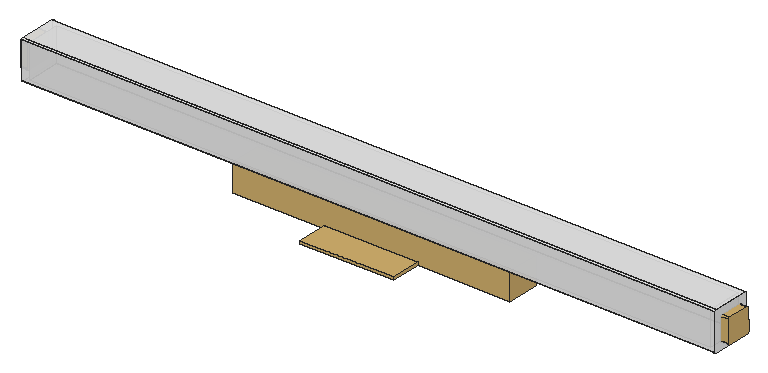
Revit family "3-537-xx - 37-537-xx - Adelphi (Vanity)", category Lighting Fixtures, host Face, Revit 2020
Family settings
  Host = Face
  Round Connector Dimension = Use Diameter
  Part Type = Normal
  Cut with Voids When Loaded = No
  Light Source = Yes
  Shared = No
  Room Calculation Point = No
Parameters (values of type "37-555-40 / Aged Brass - Matte White Acrylic")
  Wattage Comments = "15.00W at 120 V"  # constant formula
  Wattage = 15 W
  built-in parameter 1150110 = 1 (stored number, unit not read)
  Voltage Input [instance] = "120 V or 277 V - 50/60 Hz"  # constant formula
  Voltage = 277 V
  URL = "www.oxygenlighting.com"
  built-in parameter 1114217 = 1 (stored number, unit not read)
  Tilt Angle = 0.00°
  built-in parameter 1150109 = 1 (stored number, unit not read)
  built-in parameter 1150134 = (empty or 0)
  built-in parameter 1150113 = 1 (stored number, unit not read)
  References [instance] = "Ref. 3 = 120 V / Ref. 37 = 277 V"  # constant formula
  Photometric Web File = "3-537 Adelphi Vanity.ies"
  Model = "3-555-xx - 37-555-xx - Adelphi Vanity"  # constant formula
  Metal Finish = 40 - Aged Brass
  Manufacturer = "Oxygen - Lighting & Fans"  # constant formula
  Main Diffuser = Matte White Acrylic
  built-in parameter 1150105 = 100.15 (stored number, unit not read)
  Lumens = 1258.5 lm
  built-in parameter 1150115 = 1 (stored number, unit not read)
  built-in parameter 1150137 = (empty or 0)
  built-in parameter 1150139 = (empty or 0)
  built-in parameter 1150112 = 1 (stored number, unit not read)
  built-in parameter 1150114 = 1 (stored number, unit not read)
  Lamp = "LED Array"  # constant formula
  built-in parameter 1150132 = (empty or 0)
  built-in parameter 1150102 = (empty or 0)
  built-in parameter 1150107 = 3000 (stored number, unit not read)
  built-in parameter 1150138 = (empty or 0)
  built-in parameter 1150106 = 1.0015 (stored number, unit not read)
  Emit from Rectangle Width = 22.00"  # constant formula
  built-in parameter 1150128 = 1.00"  # constant formula
  Emit Shape Visible in Rendering = no
  built-in parameter 1150104 = 7.7946 (stored number, unit not read)
  Dimming Lamp Color Temperature Shift = <None>
  Default Elevation = 0.00"
  Color Filter = 16777215
  Emit from Rectangle Length = 12.00"
  built-in parameter 1150133 = 10 (stored number, unit not read)
Types (7): name | Voltage | Metal Finish
  (no name) | 277 V | 40 - Aged Brass
  3-555-24 / Satin Nickel - Matte White Acrylic | 120 V | 24 - Satin Nickel
  3-555-22 / Oiled Bronze - Matte White Acrylic | 120 V | 22- Oiled Bronze
  3-555-40 / Aged Brass - Matte White Acrylic | 120 V | 40 - Aged Brass
  37-555-22 / Oiled Bronze - Matte White Acrylic | 277 V | 22- Oiled Bronze
  37-555-24 / Satin Nickel - Matte White Acrylic | 277 V | 24 - Satin Nickel
  37-555-40 / Aged Brass - Matte White Acrylic | 277 V | 40 - Aged Brass
Reference planes (in)
  plane 1 "Center (Front/Back)": y = 0
  plane 2: z = 0
  plane 3 "Center (Left/Right)": x = 0
  plane 4 "M.C.": y = 0
  plane 5 "Light Source Height": y = 0
  plane 6 "Light Source Ext.": z = 2.5
Dimensions and locks (in)
  aligned and locked: plane 2 to host face
  aligned and locked: level to host face
  aligned and locked: imposter light to plane 5 "Light Source Height"
  aligned and locked: plane 6 "Light Source Ext." to imposter light
  aligned and locked: plane 3 "Center (Left/Right)" to imposter light
Nested families (in)
  nested 1: "3-555 Adelphi" at (0, 0, 0), type "3-555 Adelphi"
Connectors (in)
  electrical at (0, 0.00073, 0), driven by "Voltage"
    settings: on nested 1, index 1, voltage 277 V, apparent load 0 VA, apparent load phase1 0 VA, apparent load phase2 0 VA, apparent load phase3 0 VA, power factor 1, load classification "Other", number of poles 1, system type 31, power factor state 1, is connector primary yes, connector utility no, sub classification motor no, connector description ""
Definition of nested family "3-555 Adelphi"
  Parameters (values of type "3-537 Adelphi")
    Others 2 = none
    Others 1 = none
    Metal Finish = none
    Main Diffuser = none
    Default Elevation = 0.00"
    2nd Diffuser = none
  Reference planes (in)
    plane 1 "Center (Front/Back)": y = 0
    plane 2: z = 0
    plane 3 "Center (Left/Right)": x = 0
    plane 4: y = 0
  Forms (in)
    Extrusion 1, solid, material <- "Main Diffuser"
      sketch origin (0, 0.00073, 0.1514) x (0, 1, 0) y (0, 0, 1)
        loop
          arc (0.92027, 1.2286) -> (0.97275, 1.25034) -> (0.99449, 1.30282) r 0.07422
          line (0.99449, 1.30282) -> (0.99449, 3.15528)
          arc (0.99449, 3.15528) -> (0.97302, 3.20713) -> (0.92117, 3.2286) r 0.07332
          line (0.92117, 3.2286) -> (-0.93129, 3.2286)
          arc (-0.93129, 3.2286) -> (-0.98377, 3.20687) -> (-1.00551, 3.15439) r 0.07422
          line (-1.00551, 3.15439) -> (-1.00551, 1.30282)
          arc (-1.00551, 1.30282) -> (-0.98377, 1.25034) -> (-0.93129, 1.2286) r 0.07422
          line (-0.93129, 1.2286) -> (0.92027, 1.2286)
      from -17.6378 to 17.6378
    Extrusion 2, solid, material <- "Metal Finish"
      sketch origin (0, 0.00073, 0) x (1, 0, 0) y (0, 1, 0)
        loop
          line (-2.375, 2.375) -> (-2.375, -2.375) -> (2.375, -2.375) -> (2.375, 2.375) -> (-2.375, 2.375)
      from 0 to 0.14844
    Extrusion 3, solid, material <- "Metal Finish"
      sketch origin (-18.0128, 0.00073, 0) x (0, 1, 0) y (0, 0, 1)
        loop
          line (0.56104, 3.00545) -> (-0.5625, 3.00545)
          arc (-0.5625, 3.00545) -> (-0.60669, 2.98714) -> (-0.625, 2.94295) r 0.0625
          line (-0.625, 2.94295) -> (-0.625, 1.81795)
          arc (-0.625, 1.81795) -> (-0.60669, 1.77375) -> (-0.5625, 1.75545) r 0.0625
          line (-0.5625, 1.75545) -> (0.5625, 1.75545)
          arc (0.5625, 1.75545) -> (0.60669, 1.77375) -> (0.625, 1.81795) r 0.0625
          line (0.625, 1.81795) -> (0.625, 2.94149)
          arc (0.625, 2.94149) -> (0.60627, 2.98672) -> (0.56104, 3.00545) r 0.06396
      from 0.375 to 0
    Extrusion 4, solid, material <- "Metal Finish"
      sketch origin (18.0128, 0.00073, 0) x (0, 1, 0) y (0, 0, -1)
        loop
          arc (0.56104, -3.00545) -> (0.60627, -2.98672) -> (0.625, -2.94149) r 0.06396
          line (0.625, -2.94149) -> (0.625, -1.81795)
          arc (0.625, -1.81795) -> (0.60669, -1.77375) -> (0.5625, -1.75545) r 0.0625
          line (0.5625, -1.75545) -> (-0.5625, -1.75545)
          arc (-0.5625, -1.75545) -> (-0.60669, -1.77375) -> (-0.625, -1.81795) r 0.0625
          line (-0.625, -1.81795) -> (-0.625, -2.94295)
          arc (-0.625, -2.94295) -> (-0.60669, -2.98714) -> (-0.5625, -3.00545) r 0.0625
          line (-0.5625, -3.00545) -> (0.56104, -3.00545)
      from 0.375 to 0
    Extrusion 5, solid, material <- "Metal Finish"
      sketch origin (0, 0.00073, 0) x (0, 1, 0) y (0, 0, 1)
        loop
          line (0.80949, 1.38) -> (-0.82051, 1.38) -> (-0.82051, 0) -> (0.80949, 0) -> (0.80949, 1.38)
      from -7.0625 to 7.0625
    Extrusion 6, void
      sketch origin (0, 0.00073, 0) x (0, 1, 0) y (0, 0, 1)
        loop
          line (0.86449, 1.51) -> (0.86449, 3.25) -> (-0.87551, 3.25) -> (-0.87551, 1.51) -> (0.86449, 1.51)
      from -17.32283 to 17.32283
    Extrusion 7, void
      sketch origin (0, 0.00073, 0) x (1, 0, 0) y (0, 1, 0)
        loop
          line (-2.375, -1.51696) -> (2.375, -1.51696) -> (2.375, 1.48304) -> (-2.375, 1.48304) -> (-2.375, -1.51696)
      from 0 to 0.14844
  Cuts and joins
    Extrusion 7 cuts Extrusion 5
    Extrusion 6 cuts Extrusion 1
  Lines and regions (in)
    model lines
      curve 1: line (-4, 0, 0) -> (4, 0, 0)
      curve 2: line (0, -4, 0) -> (0, 4, 0)
    symbolic lines
      curve 3: circle (0, 0, 0) r 2 normal (0, 0, 1)
    model lines, not visible
      curve 4: line (-13.0722, 21.77075, 0) -> (-5.0722, 21.77075, 0)
      curve 5: line (-9.0722, 17.77075, 0) -> (-9.0722, 25.77075, 0)
    symbolic lines, not visible
      curve 6: circle (-9.0722, 21.77075, 0) r 2 normal (0, 0, 1)
  Text (in)
    text "M.C." at (0.88973, 1.62995, 0), in view "Ref. Level"
    text "M.C." at (-8.18247, 23.4007, 0), in view "Ref. Level", not visible
  Dimensions and locks (in)
    cut or joined group of Extrusion 5, Extrusion 7 to cut or joined group of Extrusion 5, Extrusion 7 = 14.125"
    cut or joined group of Extrusion 1, Extrusion 6 to cut or joined group of Extrusion 1, Extrusion 6 = 35.27559"
    aligned and locked: plane 2 to level
